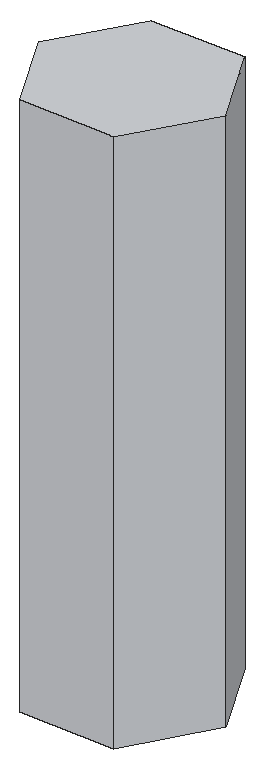
Revit family "$Player_Cat", category Generic Models, Revit 2020
Family settings
  Can host rebar = No
  Round Connector Dimension = Use Diameter
  Part Type = Normal
  Work Plane-Based = No
  Always vertical = Yes
  Cut with Voids When Loaded = No
  Shared = No
  Room Calculation Point = No
Parameters (values of type "SD")
  yes = 2 > 1  # yes
  show_standard [instance] = not(show_overweight)  # yes
  show_overweight [instance] = _property_is_overweight  # no
  no = not(yes)  # no
  _property_positionID = 0
  _property_name = "Peter"
  _property_luck = 50
  _property_is_overweight = no
  _property_hold_status = ""
  _asset_tools = ""
  _asset_skills = ""
  _asset_money = 100
  _asset_direction = 1
  Default Elevation = 0 mm
Reference planes
  plane 1 "Center (Front/Back)": y = 0
  plane 2: z = 0
  plane 3 "Center (Left/Right)": x = 0
Forms (mm)
  Extrusion 1, solid, visible <- "show_standard"
    sketch origin (0, 0, 0) x (1, 0, 0) y (0, 1, 0)
      loop
        line (300, 0) -> (150, 259.808) -> (-150, 259.808) -> (-300, 0) -> (-150, -259.808) -> (150, -259.808) -> (300, 0)
    from 0 to 1750
  Extrusion 2, solid, visible <- "show_overweight"
    sketch origin (0, 0, 0) x (1, 0, 0) y (0, 1, 0)
      loop
        line (500, 0) -> (250, 433.013) -> (-250, 433.013) -> (-500, 0) -> (-250, -433.013) -> (250, -433.013) -> (500, 0)
    from 0 to 1300
Dimensions and locks
  aligned and locked: plane 2 to level
  aligned and locked: plane 1 "Center (Front/Back)" to nested 1
  aligned and locked: plane 3 "Center (Left/Right)" to nested 1
Nested families
  nested 1: "NAME_SYMBOL" at (0, 0, 0), _property_name <- "_property_name", type "NAME_SYMBOL"
    with _property_name "Peter"
Definition of nested family "NAME_SYMBOL"
  Parameters (values of type "NAME_SYMBOL")
    _property_name [instance] = ""
  Reference planes
    plane 1: y = 0
    plane 2: x = 0
  Lines and regions (mm)
    detail lines
      curve 1: line (-15, -5, 0) -> (15, -5, 0)
      curve 2: line (-15, 5, 0) -> (-15, -5, 0)
      curve 3: line (15, 5, 0) -> (-15, 5, 0)
      curve 4: line (15, -5, 0) -> (15, 5, 0)
  Text (mm)
    label "A" at (0.077, 0.299, 0), shows "_property_name"
